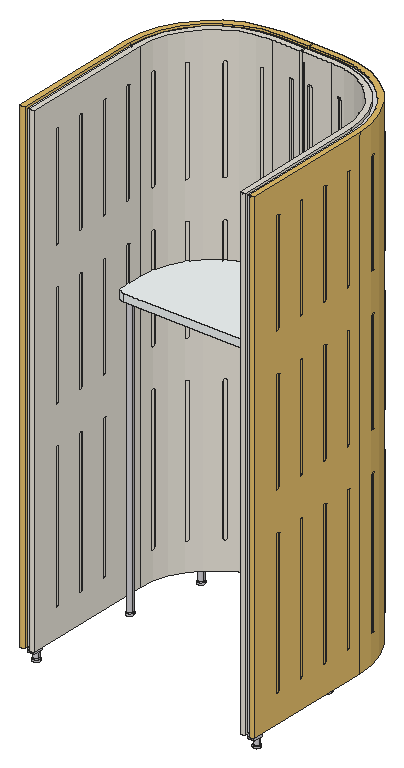
Revit family "1", category Furniture, Revit 2017
Family settings
  OmniClass Number = 23.40.20.00
  OmniClass Title = General Furniture and Specialties
  Work Plane-Based = No
  Always vertical = Yes
  Cut with Voids When Loaded = No
  Shared = No
  Room Calculation Point = No
Parameters (values of type "MZ16(White/Chamomile/Vanilla)")
  Serial No. [instance] = ""
  Remarks = ""
  Product Specifications [instance] = "Booth Set H H1700mm"  # constant formula
  Product Number = "MM72HZ"  # constant formula
  Product Name [instance] = "Muffle Booth set"  # constant formula
  Product Code [instance] = "MM72HZ"  # constant formula
  Product Categories = "Seating"  # constant formula
  Panel_Interior = okm_F024
  Panel_Exterior = okm_F027
  Manufacturer = "Okamura Corporation"  # constant formula
  Trim = okm_ZC11
  Leg = okm_Z637
  Kind = "Booth set"  # constant formula
  Keynote = "12490"  # constant formula
  Introduction Date [instance] = ""
  Desktop = okm_MG99
  Common Specification = ""
  Color Name [instance] = "White/Chamomile/Vanilla"
  Color Code [instance] = "MZ16"
  Assembly Code = "E2020200"
  W = 800.0 mm  # constant formula
  URL = "http://www.okamura.co.jp/"
  Product_URL = ""
  ID [instance] = ""
  H = 1700.0 mm  # constant formula
  D = 750.0 mm  # constant formula
  Copyright [instance] = "©2019.08 okamura Corp."  # constant formula
Reference planes
  plane 1 "Front": y = 0
  plane 2: z = 0
  plane 3 "Left": x = 0
  plane 4 "Right": x = 800
  plane 5 "Back": y = 750
  plane 6 "Top": z = 1700
Forms (mm)
  Extrusion 1, solid, material "okm_MG99" <- "Desktop"
    sketch origin (-2995.969, 1481.155, 0) x (1, 0, 0) y (0, 1, 0)
      loop
        line (3070.969, -1131.155) -> (3720.969, -1131.155)
        arc (3720.969, -1131.155) -> (3738.646, -1123.833) -> (3745.969, -1106.155) r 25
        line (3745.969, -1106.155) -> (3745.969, -1031.155)
        arc (3745.969, -1031.155) -> (3672.745, -854.378) -> (3495.969, -781.155) r 250
        line (3495.969, -781.155) -> (3295.969, -781.155)
        arc (3295.969, -781.155) -> (3119.192, -854.378) -> (3045.969, -1031.155) r 250
        line (3045.969, -1031.155) -> (3045.969, -1106.155)
        arc (3045.969, -1106.155) -> (3053.291, -1123.833) -> (3070.969, -1131.155) r 25
    from 975 to 1000
  Extrusion 2, solid, material "okm_F027" <- "Panel_Exterior"
    sketch origin (800, 0, 0) x (1, 0, 0) y (0, 1, 0)
      loop
        line (0, 4.12) -> (0, 450)
        arc (0, 450) -> (-87.868, 662.132) -> (-300, 750) r 300
        line (-300, 750) -> (-395.564, 750)
        arc (-395.564, 750) -> (-399.817, 741.031) -> (-395.698, 732) r 11.768
        line (-395.698, 732) -> (-300, 732)
        arc (-300, 732) -> (-100.596, 649.404) -> (-18, 450) r 282
        line (-18, 450) -> (-18, 4.253)
        arc (-18, 4.253) -> (-9.031, 0) -> (0, 4.12) r 11.768
      loop
        arc (-800, 4.12) -> (-790.969, 0) -> (-782, 4.253) r 11.768
        line (-782, 4.253) -> (-782, 450)
        arc (-782, 450) -> (-699.404, 649.404) -> (-500, 732) r 282
        line (-500, 732) -> (-404.302, 732)
        arc (-404.302, 732) -> (-400.183, 741.031) -> (-404.436, 750) r 11.768
        line (-404.436, 750) -> (-500, 750)
        arc (-500, 750) -> (-712.132, 662.132) -> (-800, 450) r 300
        line (-800, 450) -> (-800, 4.12)
    from 50 to 1700
  Extrusion 3, solid, material "okm_F024" <- "Panel_Interior"
    sketch origin (800, 0, 0) x (1, 0, 0) y (0, 1, 0)
      loop
        arc (-768, 4.12) -> (-758.969, 0) -> (-750, 4.253) r 11.768
        line (-750, 4.253) -> (-750, 450)
        arc (-750, 450) -> (-676.777, 626.777) -> (-500, 700) r 250
        line (-500, 700) -> (-404.302, 700)
        arc (-404.302, 700) -> (-400.183, 709.031) -> (-404.436, 718) r 11.768
        line (-404.436, 718) -> (-500, 718)
        arc (-500, 718) -> (-689.505, 639.505) -> (-768, 450) r 268
        line (-768, 450) -> (-768, 4.12)
      loop
        line (-32, 4.12) -> (-32, 450)
        arc (-32, 450) -> (-110.495, 639.505) -> (-300, 718) r 268
        line (-300, 718) -> (-395.564, 718)
        arc (-395.564, 718) -> (-399.817, 709.031) -> (-395.698, 700) r 11.768
        line (-395.698, 700) -> (-300, 700)
        arc (-300, 700) -> (-123.223, 626.777) -> (-50, 450) r 250
        line (-50, 450) -> (-50, 4.253)
        arc (-50, 4.253) -> (-41.031, 0) -> (-32, 4.12) r 11.768
    from 50 to 1700
  Extrusion 4, solid, material "okm_Z637" <- "Leg"
    sketch origin (800, 0, 0) x (1, 0, 0) y (0, 1, 0)
      loop
        circle (-775, 42.7) r 12
      loop
        circle (-694.446, 642.886) r 12
      loop
        circle (-442.7, 725) r 12
      loop
        circle (-25, 42.7) r 12
      loop
        circle (-105.554, 642.886) r 12
      loop
        circle (-357.3, 725) r 12
      loop
        circle (-737.175, 393.268) r 12
      loop
        circle (-62.825, 393.268) r 12
    from 0 to 4
  Extrusion 5, solid, material "okm_Z637" <- "Leg"
    sketch origin (800, 0, 0) x (1, 0, 0) y (0, 1, 0)
      loop
        circle (-775, 42.7) r 7.5
      loop
        circle (-694.446, 642.886) r 7.5
      loop
        circle (-442.7, 725) r 7.5
      loop
        circle (-25, 42.7) r 7.5
      loop
        circle (-105.554, 642.886) r 7.5
      loop
        circle (-357.3, 725) r 7.5
      loop
        circle (-737.027, 393.218) r 7.5
      loop
        circle (-62.973, 393.218) r 7.5
    from 4 to 10
  Extrusion 6, solid, material "okm_Z637" <- "Leg"
    sketch origin (800, 0, 0) x (1, 0, 0) y (0, 1, 0)
      loop
        circle (-694.446, 642.886) r 9.25
      loop
        circle (-105.554, 642.886) r 9.25
    from 10 to 50
  Extrusion 7, solid, material "okm_Z637" <- "Leg"
    sketch origin (800, 0, 0) x (1, 0, 0) y (0, 1, 0)
      loop
        circle (-775, 42.7) r 9.25
      loop
        circle (-442.7, 725) r 9.25
      loop
        circle (-25, 42.7) r 9.25
      loop
        circle (-357.3, 725) r 9.25
    from 10 to 28.851
  Extrusion 8, solid, material "okm_Z637" <- "Leg"
    sketch origin (800, 0, 0) x (1, 0, 0) y (0, 0, -1)
      loop
        line (-348.05, -28.851) -> (-375, -28.851)
        arc (-375, -28.851) -> (-380.657, -31.194) -> (-383, -36.851) r 8
        line (-383, -36.851) -> (-383, -50) -> (-348.05, -50) -> (-348.05, -28.851)
      loop
        line (-417, -50) -> (-417, -36.851)
        arc (-417, -36.851) -> (-419.343, -31.194) -> (-425, -28.851) r 8
        line (-425, -28.851) -> (-451.95, -28.851) -> (-451.95, -50) -> (-417, -50)
    from 715.65 to 734.35
  Extrusion 9, solid, material "okm_Z637" <- "Leg"
    sketch origin (800, 0, 0) x (0, -1, 0) y (0, 0, -1)
      loop
        line (-51.95, -28.851) -> (-51.95, -50) -> (-17, -50) -> (-17, -36.851)
        arc (-17, -36.851) -> (-19.343, -31.194) -> (-25, -28.851) r 8
        line (-25, -28.851) -> (-51.95, -28.851)
    from -34.25 to -15.75
  Extrusion 10, solid, material "okm_Z637" <- "Leg"
    sketch origin (0, 0, 0) x (0, -1, 0) y (0, 0, 1)
      loop
        line (-51.95, 28.851) -> (-25, 28.851)
        arc (-25, 28.851) -> (-19.343, 31.194) -> (-17, 36.851) r 8
        line (-17, 36.851) -> (-17, 50) -> (-51.95, 50) -> (-51.95, 28.851)
    from -34.25 to -15.75
  Extrusion 11, void
    sketch origin (800, 0, 0) x (0, -1, 0) y (0, 0, -1)
      loop
        line (-92.501, -1115.003) -> (-92.501, -770.044)
        arc (-92.501, -770.044) -> (-100.001, -762.544) -> (-107.501, -770.044) r 7.5
        line (-107.501, -770.044) -> (-107.501, -1115.003)
        arc (-107.501, -1115.003) -> (-100.001, -1122.503) -> (-92.501, -1115.003) r 7.5
      loop
        line (-92.501, -630.003) -> (-92.501, -150.044)
        arc (-92.501, -150.044) -> (-100.001, -142.544) -> (-107.501, -150.044) r 7.5
        line (-107.501, -150.044) -> (-107.501, -630.003)
        arc (-107.501, -630.003) -> (-100.001, -637.503) -> (-92.501, -630.003) r 7.5
      loop
        line (-192.501, -1115.003) -> (-192.501, -770.044)
        arc (-192.501, -770.044) -> (-200.001, -762.544) -> (-207.501, -770.044) r 7.5
        line (-207.501, -770.044) -> (-207.501, -1115.003)
        arc (-207.501, -1115.003) -> (-200.001, -1122.503) -> (-192.501, -1115.003) r 7.5
      loop
        line (-192.501, -630.003) -> (-192.501, -150.044)
        arc (-192.501, -150.044) -> (-200.001, -142.544) -> (-207.501, -150.044) r 7.5
        line (-207.501, -150.044) -> (-207.501, -630.003)
        arc (-207.501, -630.003) -> (-200.001, -637.503) -> (-192.501, -630.003) r 7.5
      loop
        line (-292.501, -1115.003) -> (-292.501, -770.044)
        arc (-292.501, -770.044) -> (-300.001, -762.544) -> (-307.501, -770.044) r 7.5
        line (-307.501, -770.044) -> (-307.501, -1115.003)
        arc (-307.501, -1115.003) -> (-300.001, -1122.503) -> (-292.501, -1115.003) r 7.5
      loop
        line (-292.501, -630.003) -> (-292.501, -150.044)
        arc (-292.501, -150.044) -> (-300.001, -142.544) -> (-307.501, -150.044) r 7.5
        line (-307.501, -150.044) -> (-307.501, -630.003)
        arc (-307.501, -630.003) -> (-300.001, -637.503) -> (-292.501, -630.003) r 7.5
      loop
        line (-392.501, -1115.003) -> (-392.501, -770.044)
        arc (-392.501, -770.044) -> (-400.001, -762.544) -> (-407.501, -770.044) r 7.5
        line (-407.501, -770.044) -> (-407.501, -1115.003)
        arc (-407.501, -1115.003) -> (-400.001, -1122.503) -> (-392.501, -1115.003) r 7.5
      loop
        line (-392.501, -630.003) -> (-392.501, -150.044)
        arc (-392.501, -150.044) -> (-400.001, -142.544) -> (-407.501, -150.044) r 7.5
        line (-407.501, -150.044) -> (-407.501, -630.003)
        arc (-407.501, -630.003) -> (-400.001, -637.503) -> (-392.501, -630.003) r 7.5
      loop
        line (-92.501, -1599.896) -> (-92.501, -1254.937)
        arc (-92.501, -1254.937) -> (-100.001, -1247.437) -> (-107.501, -1254.937) r 7.5
        line (-107.501, -1254.937) -> (-107.501, -1599.896)
        arc (-107.501, -1599.896) -> (-100.001, -1607.396) -> (-92.501, -1599.896) r 7.5
      loop
        line (-192.501, -1599.896) -> (-192.501, -1254.937)
        arc (-192.501, -1254.937) -> (-200.001, -1247.437) -> (-207.501, -1254.937) r 7.5
        line (-207.501, -1254.937) -> (-207.501, -1599.896)
        arc (-207.501, -1599.896) -> (-200.001, -1607.396) -> (-192.501, -1599.896) r 7.5
      loop
        line (-292.501, -1599.896) -> (-292.501, -1254.937)
        arc (-292.501, -1254.937) -> (-300.001, -1247.437) -> (-307.501, -1254.937) r 7.5
        line (-307.501, -1254.937) -> (-307.501, -1599.896)
        arc (-307.501, -1599.896) -> (-300.001, -1607.396) -> (-292.501, -1599.896) r 7.5
      loop
        line (-392.501, -1599.896) -> (-392.501, -1254.937)
        arc (-392.501, -1254.937) -> (-400.001, -1247.437) -> (-407.501, -1254.937) r 7.5
        line (-407.501, -1254.937) -> (-407.501, -1599.896)
        arc (-407.501, -1599.896) -> (-400.001, -1607.396) -> (-392.501, -1599.896) r 7.5
    from -62.87 to 13.677
  Extrusion 12, void
    sketch origin (0, 0, 0) x (0, -1, 0) y (0, 0, 1)
      loop
        arc (-92.501, 1115.003) -> (-100.001, 1122.503) -> (-107.501, 1115.003) r 7.5
        line (-107.501, 1115.003) -> (-107.501, 770.044)
        arc (-107.501, 770.044) -> (-100.001, 762.544) -> (-92.501, 770.044) r 7.5
        line (-92.501, 770.044) -> (-92.501, 1115.003)
      loop
        arc (-92.501, 630.003) -> (-100.001, 637.503) -> (-107.501, 630.003) r 7.5
        line (-107.501, 630.003) -> (-107.501, 150.044)
        arc (-107.501, 150.044) -> (-100.001, 142.544) -> (-92.501, 150.044) r 7.5
        line (-92.501, 150.044) -> (-92.501, 630.003)
      loop
        arc (-192.501, 1115.003) -> (-200.001, 1122.503) -> (-207.501, 1115.003) r 7.5
        line (-207.501, 1115.003) -> (-207.501, 770.044)
        arc (-207.501, 770.044) -> (-200.001, 762.544) -> (-192.501, 770.044) r 7.5
        line (-192.501, 770.044) -> (-192.501, 1115.003)
      loop
        arc (-192.501, 630.003) -> (-200.001, 637.503) -> (-207.501, 630.003) r 7.5
        line (-207.501, 630.003) -> (-207.501, 150.044)
        arc (-207.501, 150.044) -> (-200.001, 142.544) -> (-192.501, 150.044) r 7.5
        line (-192.501, 150.044) -> (-192.501, 630.003)
      loop
        arc (-292.501, 1115.003) -> (-300.001, 1122.503) -> (-307.501, 1115.003) r 7.5
        line (-307.501, 1115.003) -> (-307.501, 770.044)
        arc (-307.501, 770.044) -> (-300.001, 762.544) -> (-292.501, 770.044) r 7.5
        line (-292.501, 770.044) -> (-292.501, 1115.003)
      loop
        arc (-292.501, 630.003) -> (-300.001, 637.503) -> (-307.501, 630.003) r 7.5
        line (-307.501, 630.003) -> (-307.501, 150.044)
        arc (-307.501, 150.044) -> (-300.001, 142.544) -> (-292.501, 150.044) r 7.5
        line (-292.501, 150.044) -> (-292.501, 630.003)
      loop
        arc (-392.501, 1115.003) -> (-400.001, 1122.503) -> (-407.501, 1115.003) r 7.5
        line (-407.501, 1115.003) -> (-407.501, 770.044)
        arc (-407.501, 770.044) -> (-400.001, 762.544) -> (-392.501, 770.044) r 7.5
        line (-392.501, 770.044) -> (-392.501, 1115.003)
      loop
        arc (-392.501, 630.003) -> (-400.001, 637.503) -> (-407.501, 630.003) r 7.5
        line (-407.501, 630.003) -> (-407.501, 150.044)
        arc (-407.501, 150.044) -> (-400.001, 142.544) -> (-392.501, 150.044) r 7.5
        line (-392.501, 150.044) -> (-392.501, 630.003)
      loop
        arc (-92.501, 1599.896) -> (-100.001, 1607.396) -> (-107.501, 1599.896) r 7.5
        line (-107.501, 1599.896) -> (-107.501, 1254.937)
        arc (-107.501, 1254.937) -> (-100.001, 1247.437) -> (-92.501, 1254.937) r 7.5
        line (-92.501, 1254.937) -> (-92.501, 1599.896)
      loop
        arc (-192.501, 1599.896) -> (-200.001, 1607.396) -> (-207.501, 1599.896) r 7.5
        line (-207.501, 1599.896) -> (-207.501, 1254.937)
        arc (-207.501, 1254.937) -> (-200.001, 1247.437) -> (-192.501, 1254.937) r 7.5
        line (-192.501, 1254.937) -> (-192.501, 1599.896)
      loop
        arc (-292.501, 1599.896) -> (-300.001, 1607.396) -> (-307.501, 1599.896) r 7.5
        line (-307.501, 1599.896) -> (-307.501, 1254.937)
        arc (-307.501, 1254.937) -> (-300.001, 1247.437) -> (-292.501, 1254.937) r 7.5
        line (-292.501, 1254.937) -> (-292.501, 1599.896)
      loop
        arc (-392.501, 1599.896) -> (-400.001, 1607.396) -> (-407.501, 1599.896) r 7.5
        line (-407.501, 1599.896) -> (-407.501, 1254.937)
        arc (-407.501, 1254.937) -> (-400.001, 1247.437) -> (-392.501, 1254.937) r 7.5
        line (-392.501, 1254.937) -> (-392.501, 1599.896)
    from -62.87 to 13.677
  Extrusion 13, void
    sketch origin (800, 0, 0) x (1, 0, 0) y (0, 0, -1)
      loop
        line (-361.348, -1114.899) -> (-361.348, -769.94)
        arc (-361.348, -769.94) -> (-368.848, -762.44) -> (-376.348, -769.94) r 7.5
        line (-376.348, -769.94) -> (-376.348, -1114.899)
        arc (-376.348, -1114.899) -> (-368.848, -1122.399) -> (-361.348, -1114.899) r 7.5
      loop
        line (-361.348, -629.899) -> (-361.348, -149.94)
        arc (-361.348, -149.94) -> (-368.848, -142.44) -> (-376.348, -149.94) r 7.5
        line (-376.348, -149.94) -> (-376.348, -629.899)
        arc (-376.348, -629.899) -> (-368.848, -637.399) -> (-361.348, -629.899) r 7.5
      loop
        line (-361.348, -1599.896) -> (-361.348, -1254.937)
        arc (-361.348, -1254.937) -> (-368.848, -1247.437) -> (-376.348, -1254.937) r 7.5
        line (-376.348, -1254.937) -> (-376.348, -1599.896)
        arc (-376.348, -1599.896) -> (-368.848, -1607.396) -> (-361.348, -1599.896) r 7.5
    from 680.642 to 759.267
  Extrusion 14, void
    sketch origin (746.418, -50.424, 0) x (0.977018, -0.213159, 0) y (0, 0, -1)
      loop
        line (-361.348, -1114.899) -> (-361.348, -769.94)
        arc (-361.348, -769.94) -> (-368.848, -762.44) -> (-376.348, -769.94) r 7.5
        line (-376.348, -769.94) -> (-376.348, -1114.899)
        arc (-376.348, -1114.899) -> (-368.848, -1122.399) -> (-361.348, -1114.899) r 7.5
      loop
        line (-361.348, -629.899) -> (-361.348, -149.94)
        arc (-361.348, -149.94) -> (-368.848, -142.44) -> (-376.348, -149.94) r 7.5
        line (-376.348, -149.94) -> (-376.348, -629.899)
        arc (-376.348, -629.899) -> (-368.848, -637.399) -> (-361.348, -629.899) r 7.5
      loop
        line (-361.348, -1599.896) -> (-361.348, -1254.937)
        arc (-361.348, -1254.937) -> (-368.848, -1247.437) -> (-376.348, -1254.937) r 7.5
        line (-376.348, -1254.937) -> (-376.348, -1599.896)
        arc (-376.348, -1599.896) -> (-368.848, -1607.396) -> (-361.348, -1599.896) r 7.5
    from 674.283 to 739.034
  Extrusion 15, void
    sketch origin (537.573, -103.608, 0) x (0.816062, -0.577965, 0) y (0, 0, -1)
      loop
        line (-361.348, -1114.899) -> (-361.348, -769.94)
        arc (-361.348, -769.94) -> (-368.848, -762.44) -> (-376.348, -769.94) r 7.5
        line (-376.348, -769.94) -> (-376.348, -1114.899)
        arc (-376.348, -1114.899) -> (-368.848, -1122.399) -> (-361.348, -1114.899) r 7.5
      loop
        line (-361.348, -629.899) -> (-361.348, -149.94)
        arc (-361.348, -149.94) -> (-368.848, -142.44) -> (-376.348, -149.94) r 7.5
        line (-376.348, -149.94) -> (-376.348, -629.899)
        arc (-376.348, -629.899) -> (-368.848, -637.399) -> (-361.348, -629.899) r 7.5
      loop
        line (-361.348, -1599.896) -> (-361.348, -1254.937)
        arc (-361.348, -1254.937) -> (-368.848, -1247.437) -> (-376.348, -1254.937) r 7.5
        line (-376.348, -1254.937) -> (-376.348, -1599.896)
        arc (-376.348, -1599.896) -> (-368.848, -1607.396) -> (-361.348, -1599.896) r 7.5
    from 670.505 to 732.396
  Extrusion 16, void
    sketch origin (358.039, -93.007, 0) x (0.569171, -0.822219, 0) y (0, 0, -1)
      loop
        line (-361.348, -1114.899) -> (-361.348, -769.94)
        arc (-361.348, -769.94) -> (-368.848, -762.44) -> (-376.348, -769.94) r 7.5
        line (-376.348, -769.94) -> (-376.348, -1114.899)
        arc (-376.348, -1114.899) -> (-368.848, -1122.399) -> (-361.348, -1114.899) r 7.5
      loop
        line (-361.348, -629.899) -> (-361.348, -149.94)
        arc (-361.348, -149.94) -> (-368.848, -142.44) -> (-376.348, -149.94) r 7.5
        line (-376.348, -149.94) -> (-376.348, -629.899)
        arc (-376.348, -629.899) -> (-368.848, -637.399) -> (-361.348, -629.899) r 7.5
      loop
        line (-361.348, -1599.896) -> (-361.348, -1254.937)
        arc (-361.348, -1254.937) -> (-368.848, -1247.437) -> (-376.348, -1254.937) r 7.5
        line (-376.348, -1254.937) -> (-376.348, -1599.896)
        arc (-376.348, -1599.896) -> (-368.848, -1607.396) -> (-361.348, -1599.896) r 7.5
    from 665.593 to 728.127
  Extrusion 17, void
    sketch origin (162.448, 3.912, 0) x (0.202658, -0.979249, 0) y (0, 0, -1)
      loop
        line (-361.348, -1114.899) -> (-361.348, -769.94)
        arc (-361.348, -769.94) -> (-368.848, -762.44) -> (-376.348, -769.94) r 7.5
        line (-376.348, -769.94) -> (-376.348, -1114.899)
        arc (-376.348, -1114.899) -> (-368.848, -1122.399) -> (-361.348, -1114.899) r 7.5
      loop
        line (-361.348, -629.899) -> (-361.348, -149.94)
        arc (-361.348, -149.94) -> (-368.848, -142.44) -> (-376.348, -149.94) r 7.5
        line (-376.348, -149.94) -> (-376.348, -629.899)
        arc (-376.348, -629.899) -> (-368.848, -637.399) -> (-361.348, -629.899) r 7.5
      loop
        line (-361.348, -1599.896) -> (-361.348, -1254.937)
        arc (-361.348, -1254.937) -> (-368.848, -1247.437) -> (-376.348, -1254.937) r 7.5
        line (-376.348, -1254.937) -> (-376.348, -1599.896)
        arc (-376.348, -1599.896) -> (-368.848, -1607.396) -> (-361.348, -1599.896) r 7.5
    from 661.216 to 728.127
  Extrusion 18, void
    sketch origin (53.581, -50.424, 0) x (-0.977018, -0.213159, 0) y (0, 0, 1)
      loop
        arc (-361.348, 1114.899) -> (-368.848, 1122.399) -> (-376.348, 1114.899) r 7.5
        line (-376.348, 1114.899) -> (-376.348, 769.94)
        arc (-376.348, 769.94) -> (-368.848, 762.44) -> (-361.348, 769.94) r 7.5
        line (-361.348, 769.94) -> (-361.348, 1114.899)
      loop
        arc (-361.348, 629.899) -> (-368.848, 637.399) -> (-376.348, 629.899) r 7.5
        line (-376.348, 629.899) -> (-376.348, 149.94)
        arc (-376.348, 149.94) -> (-368.848, 142.44) -> (-361.348, 149.94) r 7.5
        line (-361.348, 149.94) -> (-361.348, 629.899)
      loop
        arc (-361.348, 1599.896) -> (-368.848, 1607.396) -> (-376.348, 1599.896) r 7.5
        line (-376.348, 1599.896) -> (-376.348, 1254.937)
        arc (-376.348, 1254.937) -> (-368.848, 1247.437) -> (-361.348, 1254.937) r 7.5
        line (-361.348, 1254.937) -> (-361.348, 1599.896)
    from 674.283 to 739.034
  Extrusion 19, void
    sketch origin (262.426, -103.608, 0) x (-0.816062, -0.577965, 0) y (0, 0, 1)
      loop
        arc (-361.348, 1114.899) -> (-368.848, 1122.399) -> (-376.348, 1114.899) r 7.5
        line (-376.348, 1114.899) -> (-376.348, 769.94)
        arc (-376.348, 769.94) -> (-368.848, 762.44) -> (-361.348, 769.94) r 7.5
        line (-361.348, 769.94) -> (-361.348, 1114.899)
      loop
        arc (-361.348, 629.899) -> (-368.848, 637.399) -> (-376.348, 629.899) r 7.5
        line (-376.348, 629.899) -> (-376.348, 149.94)
        arc (-376.348, 149.94) -> (-368.848, 142.44) -> (-361.348, 149.94) r 7.5
        line (-361.348, 149.94) -> (-361.348, 629.899)
      loop
        arc (-361.348, 1599.896) -> (-368.848, 1607.396) -> (-376.348, 1599.896) r 7.5
        line (-376.348, 1599.896) -> (-376.348, 1254.937)
        arc (-376.348, 1254.937) -> (-368.848, 1247.437) -> (-361.348, 1254.937) r 7.5
        line (-361.348, 1254.937) -> (-361.348, 1599.896)
    from 670.505 to 732.396
  Extrusion 20, void
    sketch origin (441.961, -93.007, 0) x (-0.569171, -0.822219, 0) y (0, 0, 1)
      loop
        arc (-361.348, 1114.899) -> (-368.848, 1122.399) -> (-376.348, 1114.899) r 7.5
        line (-376.348, 1114.899) -> (-376.348, 769.94)
        arc (-376.348, 769.94) -> (-368.848, 762.44) -> (-361.348, 769.94) r 7.5
        line (-361.348, 769.94) -> (-361.348, 1114.899)
      loop
        arc (-361.348, 629.899) -> (-368.848, 637.399) -> (-376.348, 629.899) r 7.5
        line (-376.348, 629.899) -> (-376.348, 149.94)
        arc (-376.348, 149.94) -> (-368.848, 142.44) -> (-361.348, 149.94) r 7.5
        line (-361.348, 149.94) -> (-361.348, 629.899)
      loop
        arc (-361.348, 1599.896) -> (-368.848, 1607.396) -> (-376.348, 1599.896) r 7.5
        line (-376.348, 1599.896) -> (-376.348, 1254.937)
        arc (-376.348, 1254.937) -> (-368.848, 1247.437) -> (-361.348, 1254.937) r 7.5
        line (-361.348, 1254.937) -> (-361.348, 1599.896)
    from 665.593 to 728.127
  Extrusion 21, void
    sketch origin (637.552, 3.912, 0) x (-0.202658, -0.979249, 0) y (0, 0, 1)
      loop
        arc (-361.348, 1114.899) -> (-368.848, 1122.399) -> (-376.348, 1114.899) r 7.5
        line (-376.348, 1114.899) -> (-376.348, 769.94)
        arc (-376.348, 769.94) -> (-368.848, 762.44) -> (-361.348, 769.94) r 7.5
        line (-361.348, 769.94) -> (-361.348, 1114.899)
      loop
        arc (-361.348, 629.899) -> (-368.848, 637.399) -> (-376.348, 629.899) r 7.5
        line (-376.348, 629.899) -> (-376.348, 149.94)
        arc (-376.348, 149.94) -> (-368.848, 142.44) -> (-361.348, 149.94) r 7.5
        line (-361.348, 149.94) -> (-361.348, 629.899)
      loop
        arc (-361.348, 1599.896) -> (-368.848, 1607.396) -> (-376.348, 1599.896) r 7.5
        line (-376.348, 1599.896) -> (-376.348, 1254.937)
        arc (-376.348, 1254.937) -> (-368.848, 1247.437) -> (-361.348, 1254.937) r 7.5
        line (-361.348, 1254.937) -> (-361.348, 1599.896)
    from 661.216 to 728.127
  Extrusion 22, solid, material "okm_F024" <- "Panel_Interior"
    sketch origin (800, 0, 0) x (1, 0, 0) y (0, 1, 0)
      loop
        line (-768, 25) -> (-755, 25) -> (-755, 450)
        arc (-755, 450) -> (-680.312, 630.312) -> (-500, 705) r 255
        line (-500, 705) -> (-417, 705) -> (-417, 718) -> (-500, 718)
        arc (-500, 718) -> (-689.505, 639.505) -> (-768, 450) r 268
        line (-768, 450) -> (-768, 25)
      loop
        line (-32, 25) -> (-32, 450)
        arc (-32, 450) -> (-110.495, 639.505) -> (-300, 718) r 268
        line (-300, 718) -> (-383, 718) -> (-383, 705) -> (-300, 705)
        arc (-300, 705) -> (-119.688, 630.312) -> (-45, 450) r 255
        line (-45, 450) -> (-45, 25) -> (-32, 25)
    from 75 to 1620
  Extrusion 23, solid, material "okm_F027" <- "Panel_Exterior"
    sketch origin (800, 0, 0) x (1, 0, 0) y (0, 1, 0)
      loop
        line (-782, 25) -> (-782, 450)
        arc (-782, 450) -> (-699.404, 649.404) -> (-500, 732) r 282
        line (-500, 732) -> (-417, 732) -> (-417, 745) -> (-500, 745)
        arc (-500, 745) -> (-708.596, 658.597) -> (-795, 450) r 295
        line (-795, 450) -> (-795, 25) -> (-782, 25)
      loop
        line (-18, 25) -> (-5, 25) -> (-5, 450)
        arc (-5, 450) -> (-91.404, 658.597) -> (-300, 745) r 295
        line (-300, 745) -> (-383, 745) -> (-383, 732) -> (-300, 732)
        arc (-300, 732) -> (-100.596, 649.404) -> (-18, 450) r 282
        line (-18, 450) -> (-18, 25)
    from 75 to 1620
  Extrusion 24, solid, material "okm_ZC11" <- "Trim"
    sketch origin (800, 0, 0) x (1, 0, 0) y (0, 1, 0)
      loop
        line (-782, 9.183) -> (-768, 9.183) -> (-768, 450)
        arc (-768, 450) -> (-689.505, 639.505) -> (-500, 718) r 268
        line (-500, 718) -> (-405.182, 718) -> (-405.182, 732) -> (-500, 732)
        arc (-500, 732) -> (-699.404, 649.404) -> (-782, 450) r 282
        line (-782, 450) -> (-782, 9.183)
      loop
        line (-18, 9.021) -> (-18, 450)
        arc (-18, 450) -> (-100.596, 649.404) -> (-300, 732) r 282
        line (-300, 732) -> (-394.912, 732) -> (-394.912, 718) -> (-300, 718)
        arc (-300, 718) -> (-110.495, 639.505) -> (-32, 450) r 268
        line (-32, 450) -> (-32, 9.021) -> (-18, 9.021)
    from 54.965 to 1695
  Extrusion 25, void
    sketch origin (0, 0, 0) x (-1, 0, 0) y (0, 0, 1)
      loop
        arc (-361.348, 1114.899) -> (-368.848, 1122.399) -> (-376.348, 1114.899) r 7.5
        line (-376.348, 1114.899) -> (-376.348, 769.94)
        arc (-376.348, 769.94) -> (-368.848, 762.44) -> (-361.348, 769.94) r 7.5
        line (-361.348, 769.94) -> (-361.348, 1114.899)
      loop
        arc (-361.348, 629.899) -> (-368.848, 637.399) -> (-376.348, 629.899) r 7.5
        line (-376.348, 629.899) -> (-376.348, 149.94)
        arc (-376.348, 149.94) -> (-368.848, 142.44) -> (-361.348, 149.94) r 7.5
        line (-361.348, 149.94) -> (-361.348, 629.899)
      loop
        arc (-361.348, 1599.896) -> (-368.848, 1607.396) -> (-376.348, 1599.896) r 7.5
        line (-376.348, 1599.896) -> (-376.348, 1254.937)
        arc (-376.348, 1254.937) -> (-368.848, 1247.437) -> (-361.348, 1254.937) r 7.5
        line (-361.348, 1254.937) -> (-361.348, 1599.896)
    from 680.642 to 759.267
  Extrusion 26, solid, material "okm_Z637" <- "Leg"
    sketch origin (0, 0, 0) x (1, 0, 0) y (0, 1, 0)
      loop
        circle (62.936, 393.277) r 9.608
      loop
        circle (737.064, 393.277) r 9.608
    from 10 to 975
Cuts and joins
  Extrusion 11, Extrusion 12, Extrusion 13, Extrusion 14, Extrusion 15, Extrusion 16, Extrusion 17, Extrusion 18, Extrusion 19, Extrusion 20, Extrusion 21, Extrusion 25 cuts Extrusion 2
  Extrusion 11, Extrusion 12, Extrusion 13, Extrusion 14, Extrusion 15, Extrusion 16, Extrusion 17, Extrusion 18, Extrusion 19, Extrusion 20, Extrusion 21, Extrusion 25 cuts Extrusion 3
Lines and regions (mm)
  Masking region 1
    outline origin (800, 0, 0) x (1, 0, 0) y (0, 1, 0)
      loop
        line (-300, 750) -> (-400, 750) -> (-500, 750)
        arc (-500, 750) -> (-712.132, 662.132) -> (-800, 450) r 300
        line (-800, 450) -> (-800, 0) -> (-782, 0) -> (-782, 25) -> (-768, 25) -> (-768, 0) -> (-750, 0) -> (-750, 375.048)
        arc (-750, 375.048) -> (-742.664, 357.336) -> (-724.952, 350) r 25.047
        line (-724.952, 350) -> (-75, 350)
        arc (-75, 350) -> (-57.322, 357.322) -> (-50, 375) r 25
        line (-50, 375) -> (-50, 0) -> (-32, 0) -> (-32, 25) -> (-18, 25) -> (-18, 0) -> (0, 0) -> (0, 450)
        arc (0, 450) -> (-87.868, 662.132) -> (-300, 750) r 300
  symbolic lines, style "okm_標準・詳細", detail levels medium+fine
    curve 1: arc (500, 718, 0) -> (689.504, 639.504, 0) -> (768, 450, 0) r 268
    curve 2: arc (500, 750, 0) -> (712.132, 662.132, 0) -> (800, 450, 0) r 300
    curve 3: arc (500, 732, 0) -> (699.404, 649.404, 0) -> (782, 450, 0) r 282
    curve 4: arc (50, 450.001, 0) -> (123.223, 626.777, 0) -> (299.998, 700, 0) r 249.999
    curve 5: arc (32, 450, 0) -> (110.495, 639.504, 0) -> (300, 718, 0) r 268
    curve 6: arc (0, 450, 0) -> (87.868, 662.132, 0) -> (300, 750, 0) r 300
    curve 7: arc (18, 450, 0) -> (100.596, 649.404, 0) -> (300, 732, 0) r 282
    curve 8: line (400, 718, 0) -> (400, 700, 0)
    curve 9: line (400, 700, 0) -> (400, 718, 0)
    curve 10: line (400, 718, 0) -> (400, 700, 0)
    curve 11: line (400, 700, 0) -> (400, 718, 0)
    curve 12: line (500, 718, 0) -> (400, 718, 0)
    curve 13: line (400, 718, 0) -> (300, 718, 0)
    curve 14: line (300, 750, 0) -> (400, 750, 0)
    curve 15: line (400, 750, 0) -> (400, 732, 0)
    curve 16: line (400, 732, 0) -> (500, 732, 0)
    curve 17: line (782, 450, 0) -> (782, 0, 0)
    curve 18: line (782, 0, 0) -> (800, 0, 0)
    curve 19: line (800, 0, 0) -> (800, 450, 0)
    curve 20: line (750, 450, 0) -> (750, 0, 0)
    curve 21: line (750, 0, 0) -> (768, 0, 0)
    curve 22: line (768, 0, 0) -> (768, 450, 0)
    curve 23: line (782, 25, 0) -> (768, 25, 0)
    curve 24: line (505, 700, 0) -> (299.998, 700, 0)
    curve 25: line (500, 750, 0) -> (400, 750, 0)
    curve 26: line (400, 750, 0) -> (400, 732, 0)
    curve 27: line (400, 732, 0) -> (400, 750, 0)
    curve 28: line (400, 750, 0) -> (400, 732, 0)
    curve 29: line (400, 732, 0) -> (300, 732, 0)
    curve 30: line (18, 450, 0) -> (18, 0, 0)
    curve 31: line (18, 0, 0) -> (0, 0, 0)
    curve 32: line (0, 0, 0) -> (0, 450, 0)
    curve 33: line (50, 450.001, 0) -> (50, 0, 0)
    curve 34: line (50, 0, 0) -> (32, 0, 0)
    curve 35: line (32, 0, 0) -> (32, 450, 0)
    curve 36: line (32, 25, 0) -> (18, 25, 0)
    curve 37: arc (505, 700, 0) -> (680.007, 626.457, 0) -> (750, 450, 0) r 245.085
    curve 75: line (74.952, 350, 0) -> (725, 350, 0)
    curve 76: arc (725, 350, 0) -> (742.677, 357.322, 0) -> (750, 375, 0) r 25
    curve 77: arc (50, 374.953, 0) -> (57.308, 357.308, 0) -> (74.952, 350, 0) r 24.953
  symbolic lines, style "okm_簡略", detail levels coarse
    curve 38: arc (500, 718, 0) -> (689.504, 639.504, 0) -> (768, 450, 0) r 268
    curve 39: arc (500, 750, 0) -> (712.132, 662.132, 0) -> (800, 450, 0) r 300
    curve 40: arc (500, 732, 0) -> (699.404, 649.404, 0) -> (782, 450, 0) r 282
    curve 41: arc (50, 450.001, 0) -> (123.223, 626.777, 0) -> (299.998, 700, 0) r 249.999
    curve 42: arc (32, 450, 0) -> (110.495, 639.504, 0) -> (300, 718, 0) r 268
    curve 43: arc (0, 450, 0) -> (87.868, 662.132, 0) -> (300, 750, 0) r 300
    curve 44: arc (18, 450, 0) -> (100.596, 649.404, 0) -> (300, 732, 0) r 282
    curve 45: line (400, 718, 0) -> (400, 700, 0)
    curve 46: line (400, 700, 0) -> (400, 718, 0)
    curve 47: line (400, 718, 0) -> (400, 700, 0)
    curve 48: line (400, 700, 0) -> (400, 718, 0)
    curve 49: line (500, 718, 0) -> (400, 718, 0)
    curve 50: line (400, 718, 0) -> (300, 718, 0)
    curve 51: line (300, 750, 0) -> (400, 750, 0)
    curve 52: line (400, 750, 0) -> (400, 732, 0)
    curve 53: line (400, 732, 0) -> (500, 732, 0)
    curve 54: line (782, 450, 0) -> (782, 0, 0)
    curve 55: line (782, 0, 0) -> (800, 0, 0)
    curve 56: line (800, 0, 0) -> (800, 450, 0)
    curve 57: line (750, 450, 0) -> (750, 0, 0)
    curve 58: line (750, 0, 0) -> (768, 0, 0)
    curve 59: line (768, 0, 0) -> (768, 450, 0)
    curve 60: line (782, 25, 0) -> (768, 25, 0)
    curve 61: line (505, 700, 0) -> (299.998, 700, 0)
    curve 62: line (500, 750, 0) -> (400, 750, 0)
    curve 63: line (400, 750, 0) -> (400, 732, 0)
    curve 64: line (400, 732, 0) -> (400, 750, 0)
    curve 65: line (400, 750, 0) -> (400, 732, 0)
    curve 66: line (400, 732, 0) -> (300, 732, 0)
    curve 67: line (18, 450, 0) -> (18, 0, 0)
    curve 68: line (18, 0, 0) -> (0, 0, 0)
    curve 69: line (0, 0, 0) -> (0, 450, 0)
    curve 70: line (50, 450.001, 0) -> (50, 0, 0)
    curve 71: line (50, 0, 0) -> (32, 0, 0)
    curve 72: line (32, 0, 0) -> (32, 450, 0)
    curve 73: line (32, 25, 0) -> (18, 25, 0)
    curve 74: arc (505, 700, 0) -> (680.007, 626.457, 0) -> (750, 450, 0) r 245.085
    curve 78: line (74.952, 350, 0) -> (725, 350, 0)
    curve 79: arc (725, 350, 0) -> (742.677, 357.322, 0) -> (750, 375, 0) r 25
    curve 80: arc (50, 374.953, 0) -> (57.308, 357.308, 0) -> (74.952, 350, 0) r 24.953
Dimensions and locks
  "W": plane 3 "Left" to plane 4 "Right"
  "D": plane 1 "Front" to plane 5 "Back"
  "H": plane 6 "Top" to level
  aligned and locked: level to plane 2
Automatic sketch dimensions
  Extrusion 2 sketch curve to Extrusion 2 sketch curve = 0.0 mm  (x9)
  Extrusion 2 sketch curve to Extrusion 2 sketch curve = 9.056 mm  (x2)
  Extrusion 2 sketch curve to Extrusion 2 sketch curve = 88.049 mm
  Extrusion 2 sketch curve to Extrusion 2 sketch curve = 7.515 mm  (x2)
  Extrusion 2 sketch curve to Extrusion 2 sketch curve = 7.648 mm
  Extrusion 2 sketch curve to Extrusion 2 sketch curve = 8.605 mm
  Extrusion 2 sketch curve to Extrusion 2 sketch curve = 8.871 mm
  Extrusion 2 sketch curve to Extrusion 2 sketch curve = 200.0 mm
  Extrusion 2 sketch curve to Extrusion 2 sketch curve = 18.0 mm
  Extrusion 2 sketch curve to Extrusion 2 sketch curve = 0.133 mm  (x3)
  Extrusion 3 sketch curve to Extrusion 3 sketch curve = 8.944 mm
  Extrusion 3 sketch curve to Extrusion 3 sketch curve = 9.056 mm  (x2)
  Extrusion 3 sketch curve to Extrusion 3 sketch curve = 250.0 mm  (x2)
  Extrusion 3 sketch curve to Extrusion 3 sketch curve = 88.049 mm  (x2)
  Extrusion 3 sketch curve to Extrusion 3 sketch curve = 7.515 mm  (x2)
  Extrusion 3 sketch curve to Extrusion 3 sketch curve = 7.648 mm
  Extrusion 3 sketch curve to Extrusion 3 sketch curve = 8.605 mm
  Extrusion 3 sketch curve to Extrusion 3 sketch curve = 8.871 mm
  Extrusion 3 sketch curve to Extrusion 3 sketch curve = 18.0 mm
  Extrusion 3 sketch curve to Extrusion 3 sketch curve = 0.133 mm  (x3)
  Extrusion 6 sketch curve to Extrusion 6 sketch curve = 588.893 mm
  Extrusion 7 sketch curve to Extrusion 7 sketch curve = 85.4 mm
  Extrusion 8 sketch curve to Extrusion 8 sketch curve = 26.95 mm  (x2)
  Extrusion 8 sketch curve to Extrusion 8 sketch curve = 8.0 mm  (x2)
  Extrusion 8 sketch curve to Extrusion 8 sketch curve = 34.0 mm
  Extrusion 8 sketch curve to Extrusion 8 sketch curve = 21.149 mm
  Extrusion 8 sketch curve to Extrusion 8 sketch curve = 13.149 mm
  Extrusion 9 sketch curve to Extrusion 9 sketch curve = 26.95 mm
  Extrusion 9 sketch curve to Extrusion 9 sketch curve = 8.0 mm
  Extrusion 9 sketch curve to Extrusion 9 sketch curve = 13.149 mm
  Extrusion 10 sketch curve to Extrusion 10 sketch curve = 26.95 mm
  Extrusion 10 sketch curve to Extrusion 10 sketch curve = 8.0 mm
  Extrusion 10 sketch curve to Extrusion 10 sketch curve = 13.149 mm
  Extrusion 11 sketch curve to Extrusion 11 sketch curve = 0.0 mm  (x19)
  Extrusion 11 sketch curve to Extrusion 11 sketch curve = 7.5 mm  (x12)
  Extrusion 11 sketch curve to Extrusion 11 sketch curve = 85.0 mm  (x9)
  Extrusion 11 sketch curve to Extrusion 11 sketch curve = 344.959 mm  (x2)
  Extrusion 11 sketch curve to Extrusion 11 sketch curve = 140.041 mm  (x2)
  Extrusion 12 sketch curve to Extrusion 12 sketch curve = 0.0 mm  (x19)
  Extrusion 12 sketch curve to Extrusion 12 sketch curve = 7.5 mm  (x12)
  Extrusion 12 sketch curve to Extrusion 12 sketch curve = 85.0 mm  (x9)
  Extrusion 12 sketch curve to Extrusion 12 sketch curve = 344.959 mm  (x2)
  Extrusion 12 sketch curve to Extrusion 12 sketch curve = 140.041 mm
  Extrusion 13 sketch curve to Extrusion 13 sketch curve = 0.0 mm  (x2)
  Extrusion 13 sketch curve to Extrusion 13 sketch curve = 7.5 mm  (x3)
  Extrusion 13 sketch curve to Extrusion 13 sketch curve = 344.959 mm  (x2)
  Extrusion 13 sketch curve to Extrusion 13 sketch curve = 140.041 mm
  Extrusion 14 sketch curve to Extrusion 14 sketch curve = 0.0 mm  (x2)
  Extrusion 14 sketch curve to Extrusion 14 sketch curve = 7.5 mm  (x3)
  Extrusion 14 sketch curve to Extrusion 14 sketch curve = 140.041 mm
  Extrusion 15 sketch curve to Extrusion 15 sketch curve = 0.0 mm  (x2)
  Extrusion 15 sketch curve to Extrusion 15 sketch curve = 7.5 mm  (x3)
  Extrusion 15 sketch curve to Extrusion 15 sketch curve = 140.041 mm
  Extrusion 16 sketch curve to Extrusion 16 sketch curve = 0.0 mm  (x2)
  Extrusion 16 sketch curve to Extrusion 16 sketch curve = 7.5 mm  (x3)
  Extrusion 16 sketch curve to Extrusion 16 sketch curve = 140.041 mm
  Extrusion 17 sketch curve to Extrusion 17 sketch curve = 0.0 mm  (x2)
  Extrusion 17 sketch curve to Extrusion 17 sketch curve = 7.5 mm  (x3)
  Extrusion 17 sketch curve to Extrusion 17 sketch curve = 140.041 mm
  Extrusion 18 sketch curve to Extrusion 18 sketch curve = 0.0 mm  (x2)
  Extrusion 18 sketch curve to Extrusion 18 sketch curve = 7.5 mm  (x3)
  Extrusion 18 sketch curve to Extrusion 18 sketch curve = 140.041 mm
  Extrusion 19 sketch curve to Extrusion 19 sketch curve = 0.0 mm  (x2)
  Extrusion 19 sketch curve to Extrusion 19 sketch curve = 7.5 mm  (x3)
  Extrusion 19 sketch curve to Extrusion 19 sketch curve = 140.041 mm
  Extrusion 20 sketch curve to Extrusion 20 sketch curve = 0.0 mm  (x2)
  Extrusion 20 sketch curve to Extrusion 20 sketch curve = 7.5 mm  (x3)
  Extrusion 20 sketch curve to Extrusion 20 sketch curve = 140.041 mm
  Extrusion 21 sketch curve to Extrusion 21 sketch curve = 0.0 mm  (x2)
  Extrusion 21 sketch curve to Extrusion 21 sketch curve = 7.5 mm  (x3)
  Extrusion 21 sketch curve to Extrusion 21 sketch curve = 140.041 mm
  Extrusion 22 sketch curve to Extrusion 22 sketch curve = 0.0 mm  (x9)
  Extrusion 22 sketch curve to Extrusion 22 sketch curve = 13.0 mm  (x2)
  Extrusion 22 sketch curve to Extrusion 22 sketch curve = 83.0 mm  (x2)
  Extrusion 22 sketch curve to Extrusion 22 sketch curve = 34.0 mm
  Extrusion 22 sketch curve to Extrusion 22 sketch curve = 255.0 mm  (x2)
  Extrusion 23 sketch curve to Extrusion 23 sketch curve = 0.0 mm  (x10)
  Extrusion 23 sketch curve to Extrusion 23 sketch curve = 13.0 mm  (x2)
  Extrusion 23 sketch curve to Extrusion 23 sketch curve = 83.0 mm  (x2)
  Extrusion 23 sketch curve to Extrusion 23 sketch curve = 34.0 mm
  Extrusion 23 sketch curve to Extrusion 23 sketch curve = 282.0 mm  (x2)
  Extrusion 24 sketch curve to Extrusion 24 sketch curve = 0.0 mm  (x9)
  Extrusion 24 sketch curve to Extrusion 24 sketch curve = 14.0 mm  (x2)
  Extrusion 24 sketch curve to Extrusion 24 sketch curve = 268.0 mm  (x2)
  Extrusion 24 sketch curve to Extrusion 24 sketch curve = 94.818 mm
  Extrusion 24 sketch curve to Extrusion 24 sketch curve = 10.27 mm
  Extrusion 24 sketch curve to Extrusion 24 sketch curve = 200.0 mm
  Extrusion 25 sketch curve to Extrusion 25 sketch curve = 0.0 mm  (x2)
  Extrusion 25 sketch curve to Extrusion 25 sketch curve = 7.5 mm  (x3)
  Extrusion 25 sketch curve to Extrusion 25 sketch curve = 344.959 mm  (x2)
  Extrusion 25 sketch curve to Extrusion 25 sketch curve = 140.041 mm
  Extrusion 1 sketch curve to Extrusion 1 sketch curve = 25.0 mm  (x2)
  Extrusion 1 sketch curve to Extrusion 1 sketch curve = 225.0 mm
  Extrusion 1 sketch curve to Extrusion 1 sketch curve = 200.0 mm
  Extrusion 1 sketch curve to Extrusion 1 sketch curve = 75.0 mm  (x2)
  Extrusion 1 sketch curve to Extrusion 1 sketch curve = 0.0 mm
  Extrusion 4 sketch curve to Extrusion 4 sketch curve = 251.746 mm  (x2)
  Extrusion 4 sketch curve to Extrusion 4 sketch curve = 85.4 mm
  Extrusion 4 sketch curve to Extrusion 4 sketch curve = 42.729 mm  (x2)
  Extrusion 4 sketch curve to Extrusion 4 sketch curve = 37.825 mm  (x2)
  Extrusion 4 sketch curve to Extrusion 4 sketch curve = 249.618 mm  (x2)
  Extrusion 5 sketch curve to Extrusion 5 sketch curve = 251.746 mm  (x2)
  Extrusion 5 sketch curve to Extrusion 5 sketch curve = 85.4 mm
  Extrusion 5 sketch curve to Extrusion 5 sketch curve = 42.581 mm  (x2)
  Extrusion 5 sketch curve to Extrusion 5 sketch curve = 37.973 mm  (x2)
  Extrusion 5 sketch curve to Extrusion 5 sketch curve = 249.668 mm  (x2)
  Extrusion 5 sketch curve to Extrusion 5 sketch curve = 6.068 mm  (x2)
  Extrusion 5 sketch curve to Extrusion 5 sketch curve = 0.0 mm  (x4)
  Extrusion 5 sketch curve to Extrusion 5 sketch curve = 4.408 mm  (x2)
  Extrusion 2 sketch curve to Extrusion 2 sketch curve = 8.944 mm
  Extrusion 2 sketch curve to Extrusion 2 sketch curve = 282.0 mm  (x2)
  Extrusion 2 sketch curve to Extrusion 2 sketch curve = 438.233 mm
  Extrusion 3 sketch curve to Extrusion 3 sketch curve = 0.0 mm  (x9)
  Extrusion 3 sketch curve to Extrusion 3 sketch curve = 438.233 mm
  Extrusion 4 sketch curve to Extrusion 4 sketch curve = 0.0 mm  (x2)
  Extrusion 4 sketch curve to Extrusion 4 sketch curve = 350.568 mm  (x2)
  Extrusion 4 sketch curve to Extrusion 4 sketch curve = 82.115 mm
  Extrusion 5 sketch curve to Extrusion 5 sketch curve = 350.518 mm  (x2)
  Extrusion 5 sketch curve to Extrusion 5 sketch curve = 82.115 mm
  Extrusion 6 sketch curve to Extrusion 6 sketch curve = 0.0 mm
  Extrusion 7 sketch curve to Extrusion 7 sketch curve = 332.3 mm
  Extrusion 7 sketch curve to Extrusion 7 sketch curve = 750.0 mm
  Extrusion 7 sketch curve to Extrusion 7 sketch curve = 0.0 mm  (x2)
  Extrusion 7 sketch curve to Extrusion 7 sketch curve = 682.3 mm
  Extrusion 8 sketch curve to Extrusion 8 sketch curve = 0.0 mm
  Extrusion 11 sketch curve to Extrusion 11 sketch curve = 139.935 mm
  Extrusion 11 sketch curve to Extrusion 11 sketch curve = 479.959 mm
  Extrusion 12 sketch curve to Extrusion 12 sketch curve = 479.959 mm
  Extrusion 12 sketch curve to Extrusion 12 sketch curve = 139.935 mm  (x2)
  Extrusion 13 sketch curve to Extrusion 13 sketch curve = 140.038 mm
  Extrusion 13 sketch curve to Extrusion 13 sketch curve = 479.959 mm
  Extrusion 14 sketch curve to Extrusion 14 sketch curve = 344.959 mm  (x2)
  Extrusion 14 sketch curve to Extrusion 14 sketch curve = 140.038 mm
  Extrusion 14 sketch curve to Extrusion 14 sketch curve = 479.959 mm
  Extrusion 15 sketch curve to Extrusion 15 sketch curve = 344.959 mm  (x2)
  Extrusion 15 sketch curve to Extrusion 15 sketch curve = 140.038 mm
  Extrusion 15 sketch curve to Extrusion 15 sketch curve = 479.959 mm
  Extrusion 16 sketch curve to Extrusion 16 sketch curve = 344.959 mm  (x2)
  Extrusion 16 sketch curve to Extrusion 16 sketch curve = 140.038 mm
  Extrusion 16 sketch curve to Extrusion 16 sketch curve = 479.959 mm
  Extrusion 17 sketch curve to Extrusion 17 sketch curve = 344.959 mm  (x2)
  Extrusion 17 sketch curve to Extrusion 17 sketch curve = 140.038 mm
  Extrusion 17 sketch curve to Extrusion 17 sketch curve = 479.959 mm
  Extrusion 18 sketch curve to Extrusion 18 sketch curve = 479.959 mm
  Extrusion 18 sketch curve to Extrusion 18 sketch curve = 344.959 mm  (x2)
  Extrusion 18 sketch curve to Extrusion 18 sketch curve = 140.038 mm
  Extrusion 19 sketch curve to Extrusion 19 sketch curve = 479.959 mm
  Extrusion 19 sketch curve to Extrusion 19 sketch curve = 344.959 mm  (x2)
  Extrusion 19 sketch curve to Extrusion 19 sketch curve = 140.038 mm
  Extrusion 20 sketch curve to Extrusion 20 sketch curve = 479.959 mm
  Extrusion 20 sketch curve to Extrusion 20 sketch curve = 344.959 mm  (x2)
  Extrusion 20 sketch curve to Extrusion 20 sketch curve = 140.038 mm
  Extrusion 21 sketch curve to Extrusion 21 sketch curve = 479.959 mm
  Extrusion 21 sketch curve to Extrusion 21 sketch curve = 344.959 mm  (x2)
  Extrusion 21 sketch curve to Extrusion 21 sketch curve = 140.038 mm
  Extrusion 22 sketch curve to Extrusion 22 sketch curve = 425.0 mm  (x2)
  Extrusion 23 sketch curve to Extrusion 23 sketch curve = 425.0 mm
  Extrusion 24 sketch curve to Extrusion 24 sketch curve = 0.162 mm
  Extrusion 24 sketch curve to Extrusion 24 sketch curve = 440.817 mm
  Extrusion 25 sketch curve to Extrusion 25 sketch curve = 479.959 mm
  Extrusion 25 sketch curve to Extrusion 25 sketch curve = 140.038 mm
  Extrusion 26 sketch curve to Extrusion 26 sketch curve = 674.128 mm
  Extrusion 26 sketch curve to Extrusion 26 sketch curve = 0.0 mm
  plane 3 "Left" to Extrusion 1 sketch curve = 50.0 mm
  Extrusion 1 sketch curve to plane 1 "Front" = 350.0 mm
  Extrusion 2 sketch curve to plane 3 "Left" = 0.0 mm
  Extrusion 2 sketch curve to plane 1 "Front" = 4.12 mm
  plane 3 "Left" to Extrusion 3 sketch curve = 32.0 mm
  Extrusion 3 sketch curve to plane 1 "Front" = 4.12 mm
  plane 3 "Left" to Extrusion 4 sketch curve = 25.0 mm
  Extrusion 4 sketch curve to plane 1 "Front" = 42.7 mm
  plane 3 "Left" to Extrusion 5 sketch curve = 25.0 mm
  Extrusion 5 sketch curve to plane 1 "Front" = 42.7 mm
  plane 3 "Left" to Extrusion 6 sketch curve = 105.554 mm
  plane 5 "Back" to Extrusion 6 sketch curve = 107.114 mm
  plane 3 "Left" to Extrusion 7 sketch curve = 25.0 mm
  Extrusion 7 sketch curve to plane 1 "Front" = 42.7 mm
  level to Extrusion 8 sketch curve = 28.851 mm
  plane 3 "Left" to Extrusion 8 sketch curve = 348.05 mm
  Extrusion 9 sketch curve to plane 1 "Front" = 51.95 mm
  level to Extrusion 9 sketch curve = 50.0 mm
  Extrusion 10 sketch curve to plane 1 "Front" = 51.95 mm
  level to Extrusion 10 sketch curve = 28.851 mm
  plane 5 "Back" to Extrusion 11 sketch curve = 342.499 mm
  Extrusion 11 sketch curve to plane 6 "Top" = 100.104 mm
  plane 5 "Back" to Extrusion 12 sketch curve = 342.499 mm
  level to Extrusion 12 sketch curve = 150.044 mm
  Extrusion 13 sketch curve to plane 4 "Right" = 376.348 mm
  Extrusion 13 sketch curve to plane 6 "Top" = 100.104 mm
  level to Extrusion 14 sketch curve = 629.899 mm
  level to Extrusion 15 sketch curve = 629.899 mm
  level to Extrusion 16 sketch curve = 629.899 mm
  level to Extrusion 17 sketch curve = 629.899 mm
  level to Extrusion 18 sketch curve = 629.899 mm
  level to Extrusion 19 sketch curve = 629.899 mm
  level to Extrusion 20 sketch curve = 629.899 mm
  level to Extrusion 21 sketch curve = 629.899 mm
  plane 3 "Left" to Extrusion 22 sketch curve = 32.0 mm
  Extrusion 22 sketch curve to plane 1 "Front" = 25.0 mm
  plane 3 "Left" to Extrusion 23 sketch curve = 5.0 mm
  Extrusion 23 sketch curve to plane 1 "Front" = 25.0 mm
  plane 3 "Left" to Extrusion 24 sketch curve = 18.0 mm
  Extrusion 24 sketch curve to plane 1 "Front" = 9.021 mm
  plane 3 "Left" to Extrusion 25 sketch curve = 376.348 mm
  level to Extrusion 25 sketch curve = 149.94 mm
  plane 3 "Left" to Extrusion 26 sketch curve = 62.936 mm
  plane 5 "Back" to Extrusion 26 sketch curve = 356.723 mm
  plane 1 "Front" to Masking region 1 sketch curve = 0.0 mm  (x4)
  Masking region 1 sketch curve to plane 3 "Left" = 0.0 mm
  plane 5 "Back" to Masking region 1 sketch curve = 0.0 mm
  Masking region 1 sketch curve to Masking region 1 sketch curve = 18.0 mm  (x3)
  Masking region 1 sketch curve to Masking region 1 sketch curve = 14.0 mm  (x2)
  Masking region 1 sketch curve to Masking region 1 sketch curve = 25.047 mm
  Masking region 1 sketch curve to Masking region 1 sketch curve = 224.953 mm
  Masking region 1 sketch curve to Masking region 1 sketch curve = 100.0 mm  (x2)
  Masking region 1 sketch curve to Masking region 1 sketch curve = 200.0 mm
  Masking region 1 sketch curve to plane 4 "Right" = 50.0 mm
  Masking region 1 sketch curve to plane 4 "Right" = 0.0 mm
  Masking region 1 sketch curve to Masking region 1 sketch curve = 25.0 mm  (x3)
  Masking region 1 sketch curve to Masking region 1 sketch curve = 0.0 mm
  curve 1 to curve 2 = 0.0 mm  (x2)
  curve 1 to curve 3 = 0.0 mm  (x2)
  curve 5 to curve 6 = 0.0 mm  (x2)
  curve 5 to curve 7 = 0.0 mm  (x2)
  curve 37 to curve 74 = 0.0 mm
  curve 6 to plane 3 "Left" = 0.0 mm
  plane 1 "Front" to curve 67 = 0.0 mm
  plane 1 "Front" to curve 34 = 0.0 mm
  plane 5 "Back" to curve 14 = 0.0 mm
  plane 1 "Front" to curve 57 = 0.0 mm
  plane 1 "Front" to curve 55 = 0.0 mm
  plane 3 "Left" to curve 67 = 18.0 mm
  curve 30 to curve 34 = 14.0 mm
  curve 34 to curve 33 = 18.0 mm
  curve 80 to curve 78 = 24.953 mm
  plane 5 "Back" to curve 61 = 50.0 mm
  plane 3 "Left" to curve 61 = 299.999 mm
  curve 4 to curve 13 = 0.001 mm
  curve 5 to curve 10 = 100.0 mm
  curve 29 to curve 8 = 0.0 mm
  curve 8 to curve 49 = 100.0 mm
  curve 38 to curve 37 = 4.964 mm
  curve 38 to curve 24 = 5.0 mm
  curve 76 to plane 4 "Right" = 75.0 mm
  curve 57 to plane 4 "Right" = 50.0 mm
  curve 20 to curve 22 = 18.0 mm
  curve 78 to curve 33 = 100.001 mm
  curve 57 to curve 38 = 0.0 mm
  curve 78 to curve 79 = 0.0 mm
  curve 17 to curve 60 = 25.0 mm
  curve 73 to plane 1 "Front" = 25.0 mm
  curve 36 to curve 73 = 0.0 mm
  curve 23 to curve 60 = 0.0 mm
  radius of Extrusion 6 sketch curve = 9.25 mm  (x2)
  radius of Extrusion 7 sketch curve = 9.25 mm  (x4)
  radius of Extrusion 26 sketch curve = 9.608 mm  (x2)
  radius of Extrusion 4 sketch curve = 12.0 mm  (x8)
  radius of Extrusion 5 sketch curve = 7.5 mm  (x6)
Types (81, lengths in mm): name | Panel_Interior | Panel_Exterior | Desktop | Color Name | Color Code
  (no name) | okm_F024 | okm_F027 | okm_MG99 | "White/Chamomile/Vanilla" | "MZ16"
  MAJ8(White/Peach_Mono) | okm_F005 | okm_F005 | okm_MG99 | "White/Peach_Mono" | "MAJ8"
  MAJ1(White/Oats_Mono) | okm_F026 | okm_F026 | okm_MG99 | "White/Oats_Mono" | "MAJ1"
  MAJ2(White/Mushroom_Mono) | okm_F025 | okm_F025 | okm_MG99 | "White/Mushroom_Mono" | "MAJ2"
  MAJ0(White/Blackberry_Mono) | okm_F013 | okm_F013 | okm_MG99 | "White/Blackberry_Mono" | "MAJ0"
  MAJ3(White/Huckleberry_Mono) | okm_F007 | okm_F007 | okm_MG99 | "White/Huckleberry_Mono" | "MAJ3"
  MAJ9(White/Indigo_Mono) | okm_F029 | okm_F029 | okm_MG99 | "White/Indigo_Mono" | "MAJ9"
  MAJ4(White/Sage_Mono) | okm_F002 | okm_F002 | okm_MG99 | "White/Sage_Mono" | "MAJ4"
  MAJ5(White/Grape_Mono) | okm_F015 | okm_F015 | okm_MG99 | "White/Grape_Mono" | "MAJ5"
  MAJ6(White/Chamomile_Mono) | okm_F027 | okm_F027 | okm_MG99 | "White/Chamomile_Mono" | "MAJ6"
  MAJ7(White/Pumpkin_Mono) | okm_F010 | okm_F010 | okm_MG99 | "White/Pumpkin_Mono" | "MAJ7"
  MZ14(White/Sage/Vanilla) | okm_F024 | okm_F002 | okm_MG99 | "White/Sage/Vanilla" | "MZ14"
  MZ13(White/Huckleberry/Vanilla) | okm_F024 | okm_F007 | okm_MG99 | "White/Huckleberry/Vanilla" | "MZ13"
  MZ17(White/Pumpkin/Vanilla) | okm_F024 | okm_F010 | okm_MG99 | "White/Pumpkin/Vanilla" | "MZ17"
  MZ20(White/Blackberry/Vanilla) | okm_F024 | okm_F013 | okm_MG99 | "White/Blackberry/Vanilla" | "MZ20"
  MZ15(White/Grape/Vanilla) | okm_F024 | okm_F015 | okm_MG99 | "White/Grape/Vanilla" | "MZ15"
  MZ12(White/Mushroom/Vanilla) | okm_F024 | okm_F025 | okm_MG99 | "White/Mushroom/Vanilla" | "MZ12"
  MZ16(White/Chamomile/Vanilla) | okm_F024 | okm_F027 | okm_MG99 | "White/Chamomile/Vanilla" | "MZ16"
  MZ19(White/Indigo/Vanilla) | okm_F024 | okm_F029 | okm_MG99 | "White/Indigo/Vanilla" | "MZ19"
  MZ11(White/Oats/Vanilla) | okm_F024 | okm_F026 | okm_MG99 | "White/Oats/Vanilla" | "MZ11"
  MZ18(White/Peach/Vanilla) | okm_F024 | okm_F005 | okm_MG99 | "White/Peach/Vanilla" | "MZ18"
  MAK0(Neo Wood Light/Blackberry_Mono) | okm_F013 | okm_F013 | okm_MK37 | "Neo Wood Light/Blackberry_Mono" | "MAK0"
  MAK1(Neo Wood Light/Oats_Mono) | okm_F026 | okm_F026 | okm_MK37 | "Neo Wood Light/Oats_Mono" | "MAK1"
  MAL2(Neo Wood Medium/Mushroom_Mono) | okm_F025 | okm_F025 | okm_MK38 | "Neo Wood Medium/Mushroom_Mono" | "MAL2"
  MAL3(Neo Wood Medium/Huckleberry_Mono) | okm_F007 | okm_F007 | okm_MK38 | "Neo Wood Medium/Huckleberry_Mono" | "MAL3"
  MAK4(Neo Wood Light/Sage_Mono) | okm_F002 | okm_F002 | okm_MK37 | "Neo Wood Light/Sage_Mono" | "MAK4"
  MAK5(Neo Wood Light/Grape_Mono) | okm_F015 | okm_F015 | okm_MK37 | "Neo Wood Light/Grape_Mono" | "MAK5"
  MAK6(Neo Wood Light/Chamomile_Mono) | okm_F027 | okm_F027 | okm_MK37 | "Neo Wood Light/Chamomile_Mono" | "MAK6"
  MAK7(Neo Wood Light/Pumpkin_Mono) | okm_F010 | okm_F010 | okm_MK37 | "Neo Wood Light/Pumpkin_Mono" | "MAK7"
  MAK8(Neo Wood Light/Peach_Mono) | okm_F005 | okm_F005 | okm_MK37 | "Neo Wood Light/Peach_Mono" | "MAK8"
  MAK9(Neo Wood Light/Indigo_Mono) | okm_F029 | okm_F029 | okm_MK37 | "Neo Wood Light/Indigo_Mono" | "MAK9"
  MAL1(Neo Wood Medium/Oats_Mono) | okm_F026 | okm_F026 | okm_MK38 | "Neo Wood Medium/Oats_Mono" | "MAL1"
  MAK3(Neo Wood Light/Huckleberry_Mono) | okm_F007 | okm_F007 | okm_MK37 | "Neo Wood Light/Huckleberry_Mono" | "MAK3"
  MAK2(Neo Wood Light/Mushroom_Mono) | okm_F025 | okm_F025 | okm_MK37 | "Neo Wood Light/Mushroom_Mono" | "MAK2"
  MAL4(Neo Wood Medium/Sage_Mono) | okm_F002 | okm_F002 | okm_MK38 | "Neo Wood Medium/Sage_Mono" | "MAL4"
  MAM1(Neo Wood Dark/Oats_Mono) | okm_F026 | okm_F026 | okm_MK39 | "Neo Wood Dark/Oats_Mono" | "MAM1"
  MAL5(Neo Wood Medium/Grape_Mono) | okm_F015 | okm_F015 | okm_MK38 | "Neo Wood Medium/Grape_Mono" | "MAL5"
  MAL6(Neo Wood Medium/Chamomile_Mono) | okm_F027 | okm_F027 | okm_MK38 | "Neo Wood Medium/Chamomile_Mono" | "MAL6"
  MAL7(Neo Wood Medium/Pumpkin_Mono) | okm_F010 | okm_F010 | okm_MK38 | "Neo Wood Medium/Pumpkin_Mono" | "MAL7"
  MAL8(Neo Wood Medium/Peach_Mono) | okm_F005 | okm_F005 | okm_MK38 | "Neo Wood Medium/Peach_Mono" | "MAL8"
  MAL9(Neo Wood Medium/Indigo_Mono) | okm_F029 | okm_F029 | okm_MK38 | "Neo Wood Medium/Indigo_Mono" | "MAL9"
  MAL0(Neo Wood Medium/Blackberry_Mono) | okm_F013 | okm_F013 | okm_MK38 | "Neo Wood Medium/Blackberry_Mono" | "MAL0"
  MAM0(Neo Wood Dark/Blackberry_Mono) | okm_F013 | okm_F013 | okm_MK39 | "Neo Wood Dark/Blackberry_Mono" | "MAM0"
  MAM2(Neo Wood Dark/Mushroom_Mono) | okm_F025 | okm_F025 | okm_MK39 | "Neo Wood Dark/Mushroom_Mono" | "MAM2"
  MAM3(Neo Wood Dark/Huckleberry_Mono) | okm_F007 | okm_F007 | okm_MK39 | "Neo Wood Dark/Huckleberry_Mono" | "MAM3"
  MAM4(Neo Wood Dark/Sage_Mono) | okm_F002 | okm_F002 | okm_MK39 | "Neo Wood Dark/Sage_Mono" | "MAM4"
  MAM5(Neo Wood Dark/Grape_Mono) | okm_F015 | okm_F015 | okm_MK39 | "Neo Wood Dark/Grape_Mono" | "MAM5"
  MAM6(Neo Wood Dark/Chamomile_Mono) | okm_F027 | okm_F027 | okm_MK39 | "Neo Wood Dark/Chamomile_Mono" | "MAM6"
  MAM7(Neo Wood Dark/Pumpkin_Mono) | okm_F010 | okm_F010 | okm_MK39 | "Neo Wood Dark/Pumpkin_Mono" | "MAM7"
  MAM8(Neo Wood Dark/Peach_Mono) | okm_F005 | okm_F005 | okm_MK39 | "Neo Wood Dark/Peach_Mono" | "MAM8"
  MAM9(Neo Wood Dark/Indigo_Mono) | okm_F029 | okm_F029 | okm_MK39 | "Neo Wood Dark/Indigo_Mono" | "MAM9"
  MZ21(Neo Wood Light/Oats/Vanilla) | okm_F024 | okm_F026 | okm_MK37 | "Neo Wood Light/Oats/Vanilla" | "MZ21"
